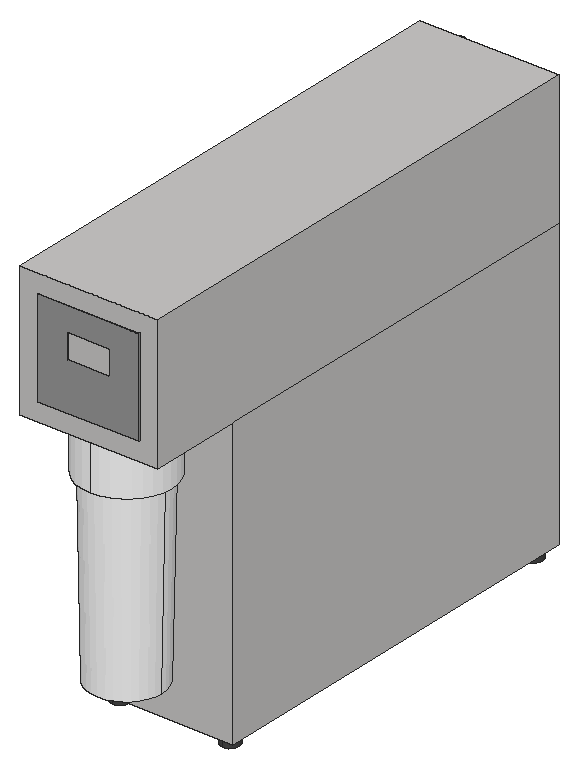
Revit family "AQUA+VS", category Attrezzature speciali, Revit 2017
Family settings
  Quota connettore circolare = Usa diametro
  Tipo di parte = Normale
  Basato su piano di lavoro = No
  Sempre verticale = Sì
  Taglio con vuoti quando caricato = No
  Condiviso = No
  Punto di calcolo locali = No
Parameters (values of type "AQUA+VS")
  Width = 148 mm
  Weight = 20.00 kg
  Water inlet = 0.75"
  Total absorption = 1.8 A
  Tank drain = 6 mm
  Minimum supply pressure = 100.0 kPa
  Minimum supply flow = 0.11 L/s
  Max supply pressure = 600.0 kPa
  Length = 561 mm
  Installed Load = 0.18 kW
  Height = 461 mm
  Electrical supply = 230 V
Reference planes
  plane 1 "Centro (Fronte/Retro)": y = 0
  plane 2: z = 0
  plane 3 "Centro (Sinistra/Destra)": x = 0
Forms (mm)
  Extrusion 1, solid, material "Acciaio inox AISI 304"
    sketch origin (0, 0, 0) x (1, 0, 0) y (0, 1, 0)
      loop
        line (-74, 0) -> (74, 0) -> (74, 435) -> (-74, 435) -> (-74, 0)
    from 10 to 318
  Extrusion 2, solid, material "Acciaio inox AISI 304"
    sketch origin (0, 0, 318) x (1, 0, 0) y (0, 1, 0)
      loop
        line (-74, 435) -> (-74, -100) -> (74, -100) -> (74, 435) -> (-74, 435)
    from 0 to 143
  Extrusion 3, solid, material "Plastica"
    sketch origin (0, 0, 10) x (0, 1, 0) y (1, 0, 0)
      loop
        circle (15, 59) r 10
      loop
        circle (420, 59) r 10
      loop
        circle (15, -59) r 10
      loop
        circle (420, -59) r 10
    from 0 to 10
  Extrusion 4, solid, material "Bianco"
    sketch origin (0, 0, 318) x (0, 1, 0) y (1, 0, 0)
      loop
        circle (-50, 0) r 48
    from 0 to 50
  Blend 5, solid, material "Bianco"
    base sketch origin (0, 0, 268) x (-1, 0, 0) y (0, -1, 0)
      loop
        circle (0, 50) r 42
    top sketch origin (0, 0, 268) x (-1, 0, 0) y (0, -1, 0)
      loop
        circle (0, 50) r 38
    from 0 to -200
  Extrusion 6, solid, material "Acciaio inox AISI 304"
    sketch origin (-74, 435, 318) x (1, 0, 0) y (0, 0, -1)
      loop
        circle (118, -117) r 6
      loop
        circle (24, -117) r 8
      loop
        circle (118, -34) r 9.525
      loop
        circle (30, -43) r 9.525
    from 0 to 26
  Extrusion 7, solid, material "Grigio scuro"
    sketch origin (86, -100, 318) x (-1, 0, 0) y (0, 0, -1)
      loop
        line (140, -123) -> (140, -20) -> (32, -20) -> (32, -123) -> (140, -123)
      loop
        line (108.5, -97.664) -> (108.5, -70.664) -> (63.5, -70.664) -> (63.5, -97.664) -> (108.5, -97.664)
    from 0 to 1
Dimensions and locks
  equal spacing: Extrusion 1 sketch curve, plane 3 "Centro (Sinistra/Destra)", Extrusion 1 sketch curve, locked at 74 each
  Extrusion 1 to Extrusion 2 sketch curve = 535 mm
  locked: Extrusion 1 sketch curve to Extrusion 1 sketch curve at 148
  Extrusion 1 sketch curve to Extrusion 1 sketch curve = 435 mm
  Extrusion 1 to Extrusion 3 sketch curve = 15 mm  (x2)
  Extrusion 2 to Extrusion 4 sketch curve = 74 mm
  Extrusion 2 to Extrusion 4 sketch curve = 50 mm
  Extrusion 2 to Extrusion 6 sketch curve = 30 mm  (x3)
  Extrusion 6 sketch curve to Extrusion 2 = 26 mm  (x2)
  Extrusion 2 to Extrusion 6 sketch curve = 24 mm
  Extrusion 6 sketch curve to Extrusion 2 = 109 mm
  Extrusion 6 sketch curve to Extrusion 2 = 100 mm
  "Height": Extrusion 2 to Extrusion 3
  "Width": Extrusion 2 to Extrusion 2
  locked: Extrusion 7 sketch curve to Extrusion 7 sketch curve at 45
  Extrusion 7 sketch curve to Extrusion 7 sketch curve = 31.5 mm  (x2)
  Extrusion 7 sketch curve to Extrusion 7 sketch curve = 25.336 mm
  locked: Extrusion 7 sketch curve to Extrusion 7 sketch curve at 27
  aligned and locked: level to plane 2
  aligned and locked: plane 1 "Centro (Fronte/Retro)" to Extrusion 1 sketch curve
  aligned and locked: Extrusion 2 sketch curve to Extrusion 1
Automatic sketch dimensions
  Extrusion 2 sketch curve to Extrusion 1 = 0 mm  (x2)
  Extrusion 1 to Extrusion 3 sketch curve = 15 mm  (x6)
  Extrusion 2 to Extrusion 7 sketch curve = 20 mm  (x3)
  radius of Extrusion 3 sketch curve = 10 mm  (x4)
  radius of Extrusion 4 sketch curve = 48 mm
  radius of Blend 5 sketch curve to Extrusion 4 = 6 mm
  radius of Blend 5 sketch curve to Extrusion 4 = 10 mm
  radius of Extrusion 6 sketch curve = 6 mm
  radius of Extrusion 6 sketch curve = 8 mm
  radius of Extrusion 6 sketch curve = 9.525 mm  (x2)
Connectors
  piping at (44, 461, 435), diameter 6, driven by "Tank drain"
    settings: on Extrusion 6, index 1, connector inside diameter 24", connector length 0 mm, flow factor 0, pipe flow 0.0 L/s, pressure drop 0.0 kPa, fitting loss kfactor 0, connector angle 0.00°, fixture units 0, engagement length 0 mm, angle of deflection 0.00°, flow configuration 0, flow direction 0, fitting loss method 0, system type 16, joint type 0, gender type 0, connector reference index -1, connector utility 0, adjustable connector no, is connector primary yes, connector description ""
  piping at (44, 461, 352), diameter 19.05, driven by "Water inlet"
    settings: on Extrusion 6, index 2, connector inside diameter 24", connector length 0 mm, flow factor 0, pipe flow 0.11 L/s, pressure drop 0.0 kPa, fitting loss kfactor 0, connector angle 0.00°, fixture units 0, engagement length 0 mm, angle of deflection 0.00°, flow configuration 0, flow direction 1, fitting loss method 0, system type 20, joint type 0, gender type 0, connector reference index -1, connector utility 0, adjustable connector no, is connector primary no, connector description ""
  piping at (-44, 461, 361), diameter 19.05, driven by "Water inlet"
    settings: on Extrusion 6, index 3, connector inside diameter 24", connector length 0 mm, flow factor 0, pipe flow 0.0 L/s, pressure drop 0.0 kPa, fitting loss kfactor 0, connector angle 0.00°, fixture units 0, engagement length 0 mm, angle of deflection 0.00°, flow configuration 0, flow direction 2, fitting loss method 0, system type 20, joint type 0, gender type 0, connector reference index -1, connector utility 0, adjustable connector no, is connector primary no, connector description ""
  electrical at (-50, 461, 435)
    settings: on Extrusion 6, index 4, voltage 230 V, apparent load 0 VA, apparent load phase1 0 VA, apparent load phase2 0 VA, apparent load phase3 0 VA, power factor 1, load classification "Alimentazione", number of poles 2, system type 30, power factor state 1, is connector primary yes, connector utility no, sub classification motor no, connector description ""
